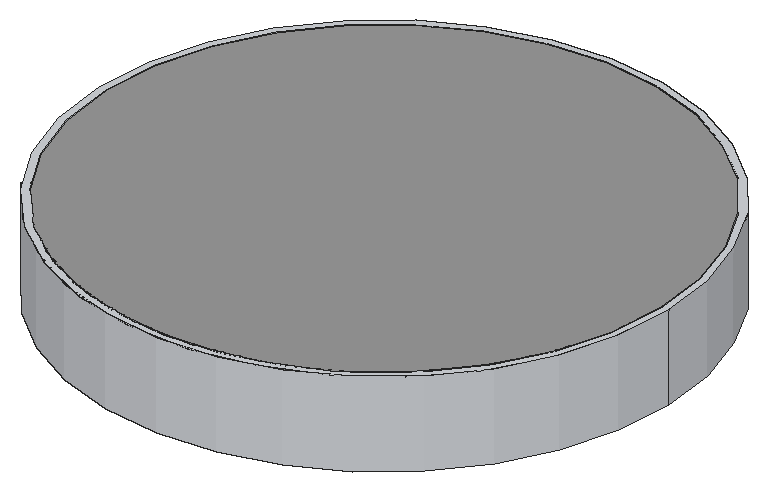
Revit family "2071106", category Lighting Fixtures, host Face, Revit 2018
Family settings
  Host = Face
  Round Connector Dimension = Use Diameter
  Part Type = Normal
  OmniClass Number = 23.80.70.00
  OmniClass Title = Lighting
  Cut with Voids When Loaded = No
  Light Source = Yes
  Shared = No
  Room Calculation Point = No
Parameters (values of type "2071106 COLOSSAL 400 830 PR DIR WHT")
  iner diameter = 390 mm
  Weight = "n/a"
  Wattage Comments = ""
  Wattage = 30 W
  WarrantyStartDate [instance] = "n/a"
  WarrantyGuarantorParts = "n/a"
  WarrantyDurationUnit = "n/a"
  WarrantyDurationParts = ""
  WarrantyDescription = "http://www.sylvania-lighting.com"
  built-in parameter 1150110 = 1 (stored number, unit not read)
  Voltage = 230 V
  URL = "0.93"
  TypeName = "COLOSSAL 400mm 830 PRISM DIR WHITE"
  Type Image = <None>
  Type Comments = "n/a"
  built-in parameter 1114217 = 1 (stored number, unit not read)
  Tilt Angle = -90.00°
  built-in parameter 1150109 = 1 (stored number, unit not read)
  built-in parameter 1150134 = (empty or 0)
  built-in parameter 1150113 = 1 (stored number, unit not read)
  SerialNumber [instance] = "n/a"
  Photometric Web File = "2071106.ies"
  Material_3_SYL = LED-Sylvania
  PowerFactor = 0
  PowerConsumption = "Lighting"
  NominalLength = 400 mm
  NominalHeight = 93 mm
  NominalDepth = 400 mm
  Name = "COLOSSAL 400mm 830 PRISM DIR WHITE"
  ModelReference = Name  # "COLOSSAL 400mm 830 PRISM DIR WHITE"
  ModelNumber = "2071106"
  Model = Name  # "COLOSSAL 400mm 830 PRISM DIR WHITE"
  Material = "Feilo Sylvania"
  ManufacturerName = "115 lm/W"
  Manufacturer = ""
  LuminousEfficacy = ""
  built-in parameter 1150105 = 270.44 (stored number, unit not read)
  Lumens = 3398.4 lm
  LuminaireType = "0"
  built-in parameter 1150115 = 1 (stored number, unit not read)
  LightOutputRatio = "LED"
  built-in parameter 1150137 = (empty or 0)
  built-in parameter 1150139 = (empty or 0)
  LampsType = Lamp  # "n/a"
  LampNominalLuminous = "3000 K"
  LampMacAdamStep = "80"
  LampColourTemperature = "LED"
  LampColourRenderingIndex = "16500"
  built-in parameter 1150112 = 1 (stored number, unit not read)
  built-in parameter 1150114 = 1 (stored number, unit not read)
  Lamp = "n/a"
  Keynote = "n/a"
  InstallationDate [instance] = "n/a"
  InputVoltage = "0"
  InputNominalFrequency = "3000"
  built-in parameter 1150132 = (empty or 0)
  built-in parameter 1150102 = (empty or 0)
  built-in parameter 1150107 = 3000 (stored number, unit not read)
  built-in parameter 1150138 = (empty or 0)
  IngressProtection = "IfcLightFixtureType"
  ImpactProtectionIndex = "IfcLightFixtureType"
  built-in parameter 1150106 = 2.7044 (stored number, unit not read)
  IfcExportType = "IfcLightFixtureType"
  IfcExportAs = "Class I"
  Emit from Circle Diameter = 385 mm
  Emit Shape Visible in Rendering = no
  ElectricShockClassification = "115"
  built-in parameter 1150104 = 10.524 (stored number, unit not read)
  DocumentationLiterature = "http://www.sylvania-lighting.com/product/en-int/products/2071106"
  DimmingControlOptions = "n/a"
  Material_2_SYL = Polycarbonate_Sylvania_White
  Dimming Lamp Color Temperature Shift = <None>
  Description = "400mm diameter circular architectural luminaire, can be surface mounted or suspended. Powder coated aluminium housing (RAL9016) with PMMA prismatic diffuser. Direct light distribution, 1845lm luminuous flux, 16W system power, 115lm/W luminiaire efficacy. Constant current driver. Colour rendering index Ra >80, 3000K Warm White LED, chromaticity tolerance of 3-step MacAdam ellipse. IP40, IK03. 350mA drive current. UGR≤19. Electrical protection Class1, 220-240V. Reported lifetime 66k hours L90B10."
  Default Elevation = 1219.2 mm
  CreatedOn = "22/03/2022"
  CreatedBy = "@sylvania-lighting.com"
  Cost = 0
  Color Filter = 16777215
  built-in parameter 1114216 [instance] = (empty or 0)
  ClassificationValue = "EF_70_80"
  ClassificationName = "Uniclass2015"
  Material_1_SYL = Polycarbonate_Sylvania_Opal
  BarCode [instance] = "n/a"
  built-in parameter 1114218 = 1 (stored number, unit not read)
  built-in parameter 1150133 = 10 (stored number, unit not read)
  AssetType = "Fixed"
  AssetIdentifier [instance] = "n/a"
  Assembly Code = "D5020200"
  Apparent Load = 16 VA
  Material_4_SYL = none
Reference planes
  plane 1 "Center (Front/Back)": y = 0
  plane 2: z = 0
  plane 3 "Center (Left/Right)": x = 0
  plane 4: x = -200
  plane 5: x = 200
  plane 6: y = 200
  plane 7: y = -200
  plane 8: y = 236
  plane 9: y = -236
  plane 10: z = 93
  plane 11: y = 195
  plane 12: y = -195
  plane 13: y = 90.5
  plane 14: y = 144.5
  plane 15: through (52.25, 90.5, 1219.2) normal (0.866, 0.5, 0)
  plane 16: through (52.25, 90.5, 1219.2) normal (0.866, 0.5, 0)
  plane 17: through (63.706, 126.657, 1219.2) normal (0.866, 0.5, 0)
  plane 18: through (-104.5, 0, 1219.2) normal (-0.866, 0.5, 0)
  plane 19: through (-142.394, -9.633, 1219.2) normal (-0.866, 0.5, 0)
  plane 20: y = -90.5
  plane 21: y = -118.5
  plane 22: through (85.371, -141.133, 1219.2) normal (-0.866, 0.5, 0)
  plane 23: through (52.25, -90.5, 1219.2) normal (-0.866, 0.5, 0)
  plane 24: through (-161.658, 0, 1219.2) normal (0.866, 0.5, 0)
  plane 25: through (-172.12, 9.121, 1219.2) normal (0.866, 0.5, 0)
  plane 26: through (-104.5, 0, 1219.2) normal (0.866, 0.5, 0)
Forms (mm)
  Extrusion 1, solid, detail levels medium+fine
    sketch origin (0, 0, 0) x (1, 0, 0) y (0, 1, 0)
      loop
        circle (0, 0) r 200
    from 33.023 to 93
  Extrusion 2, void
    sketch origin (0, 0, 0) x (1, 0, 0) y (0, 1, 0)
      loop
        circle (0, 0) r 195
    from 93 to 37.292
  Extrusion 3, solid, material "Glass, White, High Luminance", detail levels fine
    sketch origin (0, 0, 0) x (1, 0, 0) y (0, 1, 0)
      loop
        circle (0, 0) r 195
    from 88.026 to 93
  Extrusion 4, solid, detail levels coarse
    sketch origin (0, 0, 0) x (1, 0, 0) y (0, 1, 0)
      loop
        line (-200, 200) -> (-200, -200) -> (200, -200) -> (200, 200) -> (-200, 200)
    from 0 to 93
  Blend 5, solid, detail levels medium+fine
    base sketch origin (0, 0, 0) x (1, 0, 0) y (0, 1, 0)
      loop
        line (-52.25, 90.5) -> (-104.5, 0) -> (-52.25, -90.5) -> (52.25, -90.5) -> (104.5, 0) -> (52.25, 90.5) -> (-52.25, 90.5)
    top sketch origin (0, 0, 0) x (1, 0, 0) y (0, 1, 0)
      loop
        line (-53.405, 144.5) -> (-149.245, -21.5) -> (-93.242, -118.5) -> (98.438, -118.5) -> (151.843, -26) -> (53.405, 144.5) -> (-53.405, 144.5)
    from 0 to 33.023
Cuts and joins
  Extrusion 2 cuts Extrusion 1
Dimensions and locks
  "NominalDepth": plane 6 to plane 7
  "NominalLength": plane 4 to plane 5
  equal spacing: plane 4, plane 3 "Center (Left/Right)", plane 5
  "iner diameter": plane 11 to plane 12
  equal spacing: plane 11, plane 1 "Center (Front/Back)", plane 12
  equal spacing: plane 6, plane 1 "Center (Front/Back)", plane 7
  "NominalHeight": plane 10 to level
  plane 19 to plane 18 = 28 mm
  radius of Extrusion 2 sketch curve = 195 mm
  aligned and locked: plane 2 to host face
  aligned and locked: level to host face
Automatic sketch dimensions
  host sketch curve to host sketch curve = 2438.4 mm  (x2)
  plane 1 "Center (Front/Back)" to Extrusion 1 sketch curve = 0 mm
  Extrusion 1 sketch curve to plane 3 "Center (Left/Right)" = 0 mm
  plane 1 "Center (Front/Back)" to Extrusion 2 sketch curve = 0 mm
  Extrusion 2 sketch curve to plane 3 "Center (Left/Right)" = 0 mm
  plane 1 "Center (Front/Back)" to Extrusion 3 sketch curve = 0 mm
  Extrusion 3 sketch curve to plane 3 "Center (Left/Right)" = 0 mm
  Extrusion 4 sketch curve to plane 4 = 0 mm
  Extrusion 4 sketch curve to plane 5 = 0 mm
  Extrusion 4 sketch curve to plane 7 = 0 mm
  Extrusion 4 sketch curve to plane 6 = 0 mm
  Blend 5 sketch curve to plane 19 = 0 mm  (x2)
  Blend 5 sketch curve to plane 24 = 0 mm  (x2)
  Blend 5 sketch curve to plane 21 = 0 mm
  Blend 5 sketch curve to plane 14 = 0 mm
  Blend 5 sketch curve to plane 17 = 0 mm  (x2)
  Blend 5 sketch curve to plane 22 = 0 mm  (x2)
  radius of Extrusion 1 sketch curve = 200 mm
  radius of Extrusion 3 sketch curve = 195 mm
Connectors
  electrical at (0, 0, 0), driven by "Apparent Load", driven by "PowerFactor", driven by "Voltage"
    settings: index 1, voltage 230 V, apparent load 16 VA, apparent load phase1 0 VA, apparent load phase2 0 VA, apparent load phase3 0 VA, power factor 0, load classification "Lighting", number of poles 1, system type 30, power factor state 1, is connector primary yes, connector utility no, sub classification motor no, connector description ""
